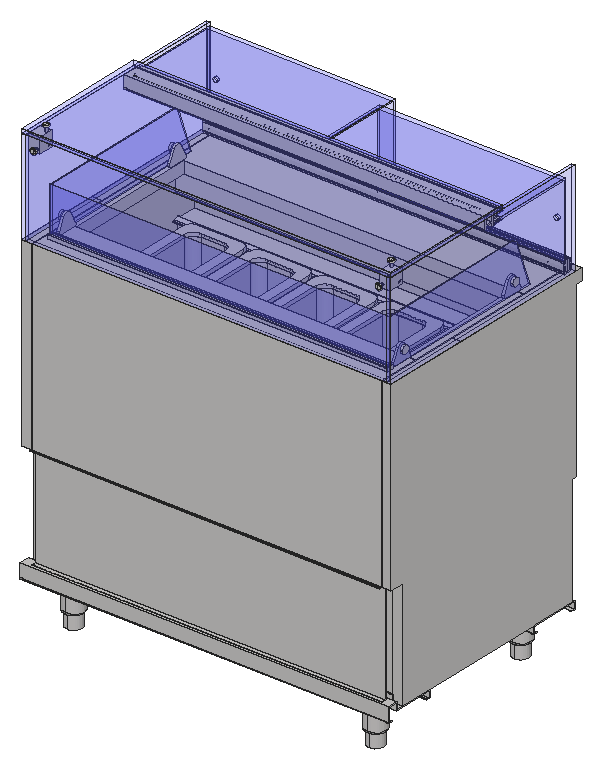
Revit family "Food-Service-Equipment_Oscartek_Gem_R4_G1000_cat", category Specialty Equipment, Revit 2026
Family settings
  Round Connector Dimension = Use Diameter
  Part Type = Normal
  Classification Number = 23.40.40.11.17
  Work Plane-Based = No
  Enable Cutting in Views = No
  Always vertical = Yes
  Cut with Voids When Loaded = No
  Maintain Annotation Orientation = No
  Shared = No
  Room Calculation Point = No
Parameters
  Weight in Pounds = 363
  Watts = 1500 W
  Volts = 208 V
  URL Cutsheet = "www.oscartek.com"
  URL = "www.oscartek.com"
  Type Comments = "As Specified"
  Test Data = "http://www.oscartek.com/company/clients.php"
  Specification by User = ""
  Specification by Manufacturer = ""
  Specification = "https://www.arcat.com/arcatcos/cos48/arc48760.html"
  Serial Number = ""
  Seismic Rating = ""
  Sales Information = "http://www.oscartek.com/company/contact.php"
  SMACNA No = ""
  Revision Code = ""
  Revision = "R1_2018-10"
  Refrigerant Type = "R404A"
  Product Data = "http://www.oscartek.com/support/manuals/"
  Phase = 1
  Number of Poles = 1
  NAFEM Spec ID Number = ""
  Model = "GEM R4 G1000"
  Min Ckt Ampacity = 0 A
  Max Overcurrent Protection = 0 A
  Masterspec = ""
  Manufacturer Website = "http://www.oscartek.com/index.php"
  Manufacturer Phone - Toll Free = "855-885-2400"
  Manufacturer Phone = "650-342-2400"
  Manufacturer Fax = "650-342-7400"
  Manufacturer Address = "361 Beach Rd., Burlingame, CA 94010"
  Manufacturer = "OSCARTEK"
  Length = 39 3/8"
  Item Number = ""
  Installed By = ""
  Installation-Fabrication = "http://www.oscartek.com/support/manuals/"
  Identify Quantity as Lot = yes
  Height = 47 1/4"
  HP = ""
  Green Building-LEED = "https://www.arcat.com/green/green_building.shtml"
  Furnished By = ""
  Foodservice Equipment Identifier = yes
  FL Amps = 7.5 A
  Electrical Remarks = ""
  Electric Connection Type = ""
  Elec Conn RI Height = 0"
  Elec Conn Connection Height = 0"
  Drawn By = "Sumex Design, Inc. / Robert S. Weygant, CSI, CDT, SCIP"
  Description = "GEM R4 GELATO NARROW SHOWCASE"
  Depth = 25 1/2"
  Default Elevation = 0"
  Cycle = 60 Hz
  Copyright = "©Arcat Inc."
  Construction Details = "http://www.oscartek.com/support/manuals/"
  Conn Plug = ""
  Conn Conduit = yes
  Category = ""
  CSI MasterFormat = "11 41 13"
  Building Codes = "https://www.arcat.com/arcatcos/cos48/arc48760.html"
  BTUH = 2100.0 Btu/h
  Apparent Power = 0 VA
Reference planes (in)
  plane 1 "BACK": y = 0
  plane 2: z = 0
  plane 3 "LEFT": x = 0
  plane 4 "RIGHT": x = 39.375
  plane 5 "FRONT": y = -25.5
  plane 6 "TOP": z = 47.25
  plane 7 "Center Y": x = 19.6875
  plane 8 "Center X": y = -12.75
  plane 9: z = 5.1875
  plane 10: z = 5.875
  plane 11: z = 36.625
  plane 12: z = 46.8125
  plane 13: z = 16.9375
  plane 14: z = 35.375
  plane 15: z = 36.6875
  plane 16: z = 47.3125
  plane 17: x = 3.5625
  plane 18: x = 35.8125
  plane 19: y = -23.60477
  plane 20: x = 1.2514
  plane 21: x = 38.1236
  plane 22: y = -6.42974
  plane 23: y = -20.62356
Forms (in)
  Extrusion 1, solid, material "QF_Metal - Stainless - Polished"
    sketch origin (0, 0, 0) x (0, 1, 0) y (0, 0, 1)
      loop
        line (-1.1414, 5.1875) -> (-0.82484, 5.1875)
        arc (-0.82484, 5.1875) -> (-0.79811, 5.19857) -> (-0.78704, 5.2253) r 0.0378
        line (-0.78704, 5.2253) -> (-0.78704, 16.9375) -> (-1.25927, 16.9375) -> (-1.25927, 16.76792) -> (-23.80801, 16.76792) -> (-23.80801, 5.9461) -> (-23.92607, 5.9461) -> (-23.92607, 5.1875) -> (-1.1414, 5.1875)
      loop
        line (-25.72052, 16.9375) -> (-25.72052, 16.90071) -> (-24.93348, 16.90071) -> (-24.93348, 5.90744) -> (-25.41358, 5.90744) -> (-25.41358, 5.875) -> (-24.94142, 5.875)
        arc (-24.94142, 5.875) -> (-24.91911, 5.88424) -> (-24.90987, 5.90655) r 0.03155
        line (-24.90987, 5.90655) -> (-24.90987, 16.9375) -> (-25.72052, 16.9375)
    from 1 to 38.375
  Extrusion 2, solid, material "QF_Metal - Stainless - Polished"
    sketch origin (0, 0, 0) x (0, 1, 0) y (0, 0, 1)
      loop
        arc (-0.9051, 5.08468) -> (-0.92688, 5.13727) -> (-0.97948, 5.15906) r 0.07438
        line (-0.97948, 5.15906) -> (-6.41439, 5.15906) -> (-6.41439, 4.43051)
        arc (-6.41439, 4.43051) -> (-6.39726, 4.38915) -> (-6.3559, 4.37202) r 0.05849
        line (-6.3559, 4.37202) -> (-5.99332, 4.37202) -> (-5.99332, 4.43104) -> (-6.35536, 4.43104) -> (-6.35536, 5.10003) -> (-0.99432, 5.10003)
        arc (-0.99432, 5.10003) -> (-0.97297, 5.09119) -> (-0.96413, 5.06984) r 0.03019
        line (-0.96413, 5.06984) -> (-0.96413, 4.43104) -> (-1.32617, 4.43104) -> (-1.32617, 4.37202) -> (-0.96245, 4.37202)
        arc (-0.96245, 4.37202) -> (-0.9219, 4.38881) -> (-0.9051, 4.42937) r 0.05735
        line (-0.9051, 4.42937) -> (-0.9051, 5.08468)
      loop
        arc (-20.26632, 5.08468) -> (-20.28811, 5.13727) -> (-20.3407, 5.15906) r 0.07438
        line (-20.3407, 5.15906) -> (-24.63834, 5.15906) -> (-24.63834, 5.90281) -> (-25.77561, 5.90281) -> (-25.77561, 4.43051)
        arc (-25.77561, 4.43051) -> (-25.75848, 4.38915) -> (-25.71712, 4.37202) r 0.05849
        line (-25.71712, 4.37202) -> (-25.35455, 4.37202) -> (-25.35455, 4.43104) -> (-25.71659, 4.43104) -> (-25.71659, 5.84378) -> (-24.69737, 5.84378) -> (-24.69737, 5.10003) -> (-20.35554, 5.10003)
        arc (-20.35554, 5.10003) -> (-20.33419, 5.09119) -> (-20.32535, 5.06984) r 0.03019
        line (-20.32535, 5.06984) -> (-20.32535, 4.43104) -> (-20.68739, 4.43104) -> (-20.68739, 4.37202) -> (-20.32367, 4.37202)
        arc (-20.32367, 4.37202) -> (-20.28312, 4.38881) -> (-20.26632, 4.42937) r 0.05735
        line (-20.26632, 4.42937) -> (-20.26632, 5.08468)
    from 0 to 39.375
  Revolve 3, solid, material "QF_Metal - Stainless - Polished"
    sketch origin (35.8125, -180, -6.02993) x (0, 0, -1) y (0, -1, 0)
      loop
        line (-6.02993, -157.84478) -> (-6.02993, -156.97903) -> (-11.12996, -156.97903) -> (-11.12996, -158.08089) -> (-7.65333, -158.08089)
        arc (-7.65333, -158.08089) -> (-7.55168, -158.03878) -> (-7.50957, -157.93713) r 0.14376
        line (-7.50957, -157.93713) -> (-7.50957, -157.84478) -> (-6.02993, -157.84478)
      axis (-11.12996, -156.97903) -> (-6.02993, -156.97903)
    angle from 0 to 360
  Revolve 4, solid, material "QF_Metal - Stainless - Polished"
    sketch origin (35.8125, -160.63878, -6.02993) x (0, 0, -1) y (0, -1, 0)
      loop
        line (-6.02993, -157.84478) -> (-6.02993, -156.97903) -> (-11.12996, -156.97903) -> (-11.12996, -158.08089) -> (-7.65333, -158.08089)
        arc (-7.65333, -158.08089) -> (-7.55168, -158.03878) -> (-7.50957, -157.93713) r 0.14376
        line (-7.50957, -157.93713) -> (-7.50957, -157.84478) -> (-6.02993, -157.84478)
      axis (-11.12996, -156.97903) -> (-6.02993, -156.97903)
    angle from 0 to 360
  Extrusion 5, solid, material "QF_Metal - Stainless - Polished"
    sketch origin (0, 0, 0) x (0, 1, 0) y (0, 0, 1)
      loop
        line (-2.36112, 16.76792) -> (-2.36112, 16.9375) -> (-0.78704, 16.9375) -> (-0.78704, 35.375) -> (-0.425, 35.375) -> (-0.425, 36.60531) -> (-0.03148, 36.60531) -> (-0.03148, 35.09419) -> (-0.70834, 35.09419) -> (-0.70834, 34.78074) -> (-0.73256, 34.50777) -> (-0.70086, 34.50495) -> (-0.67686, 34.77548) -> (-0.67686, 35.06271) -> (0, 35.06271) -> (0, 36.625) -> (-6.5, 36.625) -> (-6.5, 35.375) -> (-6.29633, 35.375) -> (-6.29633, 33.15885) -> (-3.77915, 33.15885) -> (-3.77915, 30.59231) -> (-5.90281, 30.59231) -> (-5.90281, 18.6091) -> (-23.41449, 19.66286) -> (-23.41449, 32.38856) -> (-21.05275, 33.80764) -> (-21.05275, 35.41687) -> (-20.8566, 35.41687) -> (-20.8566, 36.625) -> (-25.5, 36.625) -> (-25.5, 16.9375) -> (-23.80801, 16.9375) -> (-23.80801, 16.76792) -> (-2.36112, 16.76792)
      loop
        line (-20.62356, 30.59306) -> (-20.92256, 30.76569)
        arc (-20.92256, 30.76569) -> (-20.96254, 30.76569) -> (-20.98253, 30.73107) r 0.03998
        line (-20.98253, 30.73107) -> (-20.98253, 24.0638) -> (-6.06022, 24.0638) -> (-6.06022, 30.72982)
        arc (-6.06022, 30.72982) -> (-6.08035, 30.76495) -> (-6.12084, 30.76534) r 0.04072
        line (-6.12084, 30.76534) -> (-6.42974, 30.59231) -> (-6.79217, 30.59231) -> (-6.79217, 30.55671) -> (-6.41919, 30.55671) -> (-6.0917, 30.74578) -> (-6.0917, 24.10454) -> (-20.95105, 24.10454) -> (-20.95105, 30.69525)
        arc (-20.95105, 30.69525) -> (-20.93646, 30.72052) -> (-20.90729, 30.72052) r 0.02917
        line (-20.90729, 30.72052) -> (-20.62356, 30.55671) -> (-20.21123, 30.55671) -> (-20.21123, 30.59306) -> (-20.62356, 30.59306)
    from 1 to 38.375
  Extrusion 6, solid, material "QF_Metal - Stainless - Polished"
    sketch origin (1, 0, 0) x (0, -1, 0) y (0, 0, 1)
      loop
        line (1.29862, 5.1875) -> (23.92607, 5.1875) -> (23.92607, 16.9375) -> (25.5, 16.9375) -> (25.5, 36.625) -> (16.02792, 36.625) -> (0, 36.625) -> (0, 35.375) -> (0.78704, 35.375) -> (0.78704, 16.9375) -> (1.29862, 16.9375) -> (1.29862, 5.1875)
    from 0 to 1
  Extrusion 7, solid, material "QF_Metal - Stainless - Polished"
    sketch origin (38.375, 0, 0) x (0, 1, 0) y (0, 0, 1)
      loop
        line (-1.29862, 5.1875) -> (-1.29862, 16.9375) -> (-0.78704, 16.9375) -> (-0.78704, 35.375) -> (0, 35.375) -> (0, 36.625) -> (-16.02792, 36.625) -> (-25.5, 36.625) -> (-25.5, 16.9375) -> (-23.92607, 16.9375) -> (-23.92607, 5.1875) -> (-1.29862, 5.1875)
    from 0 to 1
  Extrusion 8, solid, material "Glass"
    sketch origin (0, -34.54169, 36.625) x (0, 1, 0) y (-1, 0, 0)
      loop
        line (10.85173, -37.82718) -> (11.00914, -37.82718) -> (11.00914, -1.54782) -> (10.85173, -1.54782) -> (10.85173, -37.82718)
    from 0 to 5.12756
  Extrusion 9, solid, material "QF_Metal - Stainless - Polished"
    sketch origin (0, 0, 0) x (0, 1, 0) y (0, 0, 1)
      loop
        line (-23.70964, 37.03031) -> (-23.96543, 37.03031) -> (-24.00478, 36.99095) -> (-24.00478, 36.625) -> (-23.70964, 36.625) -> (-23.70964, 37.03031)
      loop
        line (-23.51288, 37.03031) -> (-23.51288, 36.625) -> (-23.21774, 36.625) -> (-23.21774, 36.99095) -> (-23.25709, 37.03031) -> (-23.51288, 37.03031)
    from 1.54782 to 37.82718
  Extrusion 10, solid, material "Glass"
    sketch origin (37.82718, -22.99968, 36.625) x (0, -1, 0) y (0, 0, -1)
      loop
        line (0.53288, -5.12756) -> (0.53288, 0) -> (-18.08495, 0) -> (-16.41327, -4.59289)
        arc (-16.41327, -4.59289) -> (-16.11577, -4.9806) -> (-15.64969, -5.12756) r 0.81259
        line (-15.64969, -5.12756) -> (0.53288, -5.12756)
    from 0 to -0.15625
  Extrusion 11, solid, material "Glass"
    sketch origin (1.54782, -22.99968, 36.625) x (0, -1, 0) y (0, 0, 1)
      loop
        line (0.53288, 5.12756) -> (-15.64969, 5.12756)
        arc (-15.64969, 5.12756) -> (-16.11577, 4.9806) -> (-16.41327, 4.59289) r 0.81259
        line (-16.41327, 4.59289) -> (-18.08495, 0) -> (0.53288, 0) -> (0.53288, 5.12756)
    from 0 to -0.15625
  Extrusion 12, solid, material "QF_Metal - Stainless - Polished"
    sketch origin (37.67093, -22.99968, 36.625) x (0, 1, 0) y (0, 0, -1)
      loop
        arc (0.70859, -1.52333) -> (1.13015, -1.78166) -> (1.55172, -1.52333) r 0.47314
        line (1.55172, -1.52333) -> (2.17004, -0.3098)
        arc (2.17004, -0.3098) -> (2.16187, -0.10174) -> (1.98019, 0) r 0.21307
        line (1.98019, 0) -> (0.27549, 0)
        arc (0.27549, 0) -> (0.09623, -0.10039) -> (0.08817, -0.30568) r 0.21024
        line (0.08817, -0.30568) -> (0.70859, -1.52333)
      loop
        arc (15.45959, -1.52333) -> (15.88116, -1.78166) -> (16.30273, -1.52333) r 0.47314
        line (16.30273, -1.52333) -> (16.92105, -0.3098)
        arc (16.92105, -0.3098) -> (16.91287, -0.10174) -> (16.7312, 0) r 0.21307
        line (16.7312, 0) -> (15.0265, 0)
        arc (15.0265, 0) -> (14.84724, -0.10039) -> (14.83917, -0.30568) r 0.21024
        line (14.83917, -0.30568) -> (15.45959, -1.52333)
    from 0 to 0.25
  Extrusion 13, solid, material "QF_Metal - Stainless - Polished"
    sketch origin (37.82718, -22.99968, 36.625) x (0, -1, 0) y (0, 0, -1)
      loop
        circle (-1.13015, -1.31053) r 0.39352
      loop
        circle (-15.88116, -1.31053) r 0.39352
    from 0 to 0.25
  Extrusion 14, solid, material "QF_Metal - Stainless - Polished"
    sketch origin (1.54782, -22.99968, 36.625) x (0, -1, 0) y (0, 0, 1)
      loop
        circle (-1.13015, 1.31053) r 0.39352
      loop
        circle (-15.88116, 1.31053) r 0.39352
    from 0 to 0.25
  Extrusion 15, solid, material "QF_Metal - Stainless - Polished"
    sketch origin (1.70407, -22.99968, 36.625) x (0, 1, 0) y (0, 0, 1)
      loop
        line (0.70859, 1.52333) -> (0.08817, 0.30568)
        arc (0.08817, 0.30568) -> (0.09623, 0.10039) -> (0.27549, 0) r 0.21024
        line (0.27549, 0) -> (1.98019, 0)
        arc (1.98019, 0) -> (2.16187, 0.10174) -> (2.17004, 0.3098) r 0.21307
        line (2.17004, 0.3098) -> (1.55172, 1.52333)
        arc (1.55172, 1.52333) -> (1.13015, 1.78166) -> (0.70859, 1.52333) r 0.47314
      loop
        line (15.45959, 1.52333) -> (14.83917, 0.30568)
        arc (14.83917, 0.30568) -> (14.84724, 0.10039) -> (15.0265, 0) r 0.21024
        line (15.0265, 0) -> (16.7312, 0)
        arc (16.7312, 0) -> (16.91287, 0.10174) -> (16.92105, 0.3098) r 0.21307
        line (16.92105, 0.3098) -> (16.30273, 1.52333)
        arc (16.30273, 1.52333) -> (15.88116, 1.78166) -> (15.45959, 1.52333) r 0.47314
    from 0 to 0.25
  Extrusion 16, solid, material "QF_Metal - Stainless - Polished"
    sketch origin (1, 0, 0) x (0, -1, 0) y (0, 0, 1)
      loop
        line (6.5, 36.625) -> (6.5, 35.375) -> (20.8566, 35.375) -> (20.8566, 36.625) -> (6.5, 36.625)
    from 0 to -1.12501
  Extrusion 17, solid, material "QF_Metal - Stainless - Polished"
    sketch origin (38.375, 0, 0) x (0, 1, 0) y (0, 0, 1)
      loop
        line (-6.5, 36.625) -> (-20.8566, 36.625) -> (-20.8566, 35.375) -> (-6.5, 35.375) -> (-6.5, 36.625)
    from 0 to -1.12501
  Extrusion 18, solid, material "Glass"
    sketch origin (39.375, 0, 0) x (0, 1, 0) y (0, 0, 1)
      loop
        line (-0.77882, 36.625) -> (-0.77882, 46.8125) -> (-25.4608, 46.8125) -> (-25.4608, 36.625) -> (-0.77882, 36.625)
    from 0 to -0.41644
  Extrusion 19, solid, material "Glass"
    sketch origin (0, 0, 0) x (0, -1, 0) y (0, 0, 1)
      loop
        line (0.77882, 36.625) -> (25.4608, 36.625) -> (25.4608, 46.8125) -> (0.77882, 46.8125) -> (0.77882, 36.625)
    from 0 to -0.41644
  Extrusion 20, solid, material "Glass"
    sketch origin (0.41644, 0, 0) x (0, 1, 0) y (0, 0, 1)
      loop
        line (-25.4608, 46.8125) -> (-25.4608, 36.625) -> (-25.06728, 36.625) -> (-25.06728, 46.8125) -> (-25.4608, 46.8125)
    from 0 to 38.54212
  Extrusion 21, solid, material "Glass"
    sketch origin (0, 0, 0) x (0, 1, 0) y (0, 0, 1)
      loop
        line (-25.52882, 47.3125) -> (-25.52882, 46.8125) -> (-10.59132, 46.8125) -> (-10.59132, 47.3125) -> (-25.52882, 47.3125)
    from 0 to 39.375
  Extrusion 22, solid, material "QF_Metal - Stainless - Polished"
    sketch origin (38.95856, 0, 0) x (0, -1, 0) y (0, 0, 1)
      loop
        line (25.06728, 45.26089) -> (25.06728, 46.8125) -> (23.49319, 46.8125) -> (23.49319, 45.26089) -> (25.06728, 45.26089)
      loop
        circle (23.81588, 45.58358) r 0.19676
    from 0 to 1.13138
  Extrusion 23, solid, material "QF_Metal - Stainless - Polished"
    sketch origin (0.41644, 0, 0) x (0, 1, 0) y (0, 0, 1)
      loop
        line (-25.06728, 45.26089) -> (-23.49319, 45.26089) -> (-23.49319, 46.8125) -> (-25.06728, 46.8125) -> (-25.06728, 45.26089)
      loop
        circle (-23.81588, 45.58358) r 0.19676
    from 0 to 1.13138
  Revolve 24, solid, material "QF_Metal - Stainless - Polished"
    sketch origin (1.2514, -25.32292, 48) x (0, 1, 0) y (0, 0, 1)
      loop
        line (1.50704, -0.54977) -> (1.50704, -1.99142) -> (1.62509, -1.99142) -> (1.62509, -0.6875) -> (1.82185, -0.6875) -> (1.82185, -0.58912) -> (1.7825, -0.54977) -> (1.50704, -0.54977)
      axis (1.50704, -1.99142) -> (1.50704, -0.54977)
    angle from 0 to 360
  Revolve 25, solid, material "QF_Metal - Stainless - Polished"
    sketch origin (1.2514, -25.32292, 48) x (0, 1, 0) y (0, 0, 1)
      loop
        line (-0.27561, -2.41642) -> (1.08203, -2.41642) -> (1.08203, -2.29836) -> (-0.13788, -2.29836) -> (-0.13788, -2.1016) -> (-0.23626, -2.1016) -> (-0.27561, -2.14096) -> (-0.27561, -2.41642)
      axis (1.08203, -2.41642) -> (-0.27561, -2.41642)
    angle from 0 to 360
  Revolve 26, solid, material "QF_Metal - Stainless - Polished"
    sketch origin (38.1236, -25.32292, 48) x (0, 1, 0) y (0, 0, -1)
      loop
        line (1.50704, 0.54977) -> (1.7825, 0.54977) -> (1.82185, 0.58912) -> (1.82185, 0.6875) -> (1.62509, 0.6875) -> (1.62509, 1.99142) -> (1.50704, 1.99142) -> (1.50704, 0.54977)
      axis (1.50704, 1.99142) -> (1.50704, 0.54977)
    angle from 0 to 360
  Revolve 27, solid, material "QF_Metal - Stainless - Polished"
    sketch origin (38.1236, -25.32292, 48) x (0, 1, 0) y (0, 0, -1)
      loop
        line (-0.27561, 2.41642) -> (-0.27561, 2.14096) -> (-0.23626, 2.1016) -> (-0.13788, 2.1016) -> (-0.13788, 2.29836) -> (1.08203, 2.29836) -> (1.08203, 2.41642) -> (-0.27561, 2.41642)
      axis (1.08203, 2.41642) -> (-0.27561, 2.41642)
    angle from 0 to 360
  Extrusion 28, solid, material "QF_Metal - Stainless - Polished"
    sketch origin (38.95856, 0, 0) x (0, -1, 0) y (0, 0, 1)
      loop
        line (12.38316, 45.56872) -> (12.38316, 46.8125) -> (10.75631, 46.8125) -> (10.75631, 46.74643) -> (11.35343, 46.74643) -> (11.35343, 46.28261) -> (11.03112, 46.28261)
        arc (11.03112, 46.28261) -> (10.95349, 46.16796) -> (10.84958, 46.25946) r 0.09224
        arc (10.84958, 46.25946) -> (10.79487, 46.29806) -> (10.75955, 46.24117) r 0.04602
        arc (10.75955, 46.24117) -> (10.92385, 46.10285) -> (11.10978, 46.21035) r 0.18692
        line (11.10978, 46.21035) -> (11.35343, 46.21035) -> (11.35343, 45.517) -> (11.20663, 45.517)
        arc (11.20663, 45.517) -> (11.16246, 45.55336) -> (11.139, 45.60554) r 0.1256
        arc (11.139, 45.60554) -> (11.08934, 45.63563) -> (11.06413, 45.58332) r 0.03923
        arc (11.06413, 45.58332) -> (11.14967, 45.47771) -> (11.27965, 45.43798) r 0.23245
        line (11.27965, 45.43798) -> (11.43214, 45.43798) -> (11.43214, 45.83339) -> (12.30446, 45.83339) -> (12.30446, 45.56872)
        arc (12.30446, 45.56872) -> (12.34381, 45.52936) -> (12.38316, 45.56872) r 0.03935
      loop
        line (12.29462, 45.92193) -> (12.29462, 46.74643) -> (11.43214, 46.74643) -> (11.43214, 45.92193) -> (12.29462, 45.92193)
      loop
        line (10.90088, 46.63357) -> (10.05481, 46.63357) -> (10.05481, 46.56273) -> (10.60574, 46.56273) -> (10.60574, 46.36597) -> (10.02158, 46.36597) -> (10.02158, 46.32662) -> (10.68015, 46.32662) -> (10.68015, 46.57454) -> (10.90088, 46.57454)
        arc (10.90088, 46.57454) -> (11.02482, 46.47882) -> (10.96353, 46.33472) r 0.12809
        arc (10.96353, 46.33472) -> (10.87519, 46.30385) -> (10.8788, 46.21035) r 0.0787
        line (10.8788, 46.21035) -> (11.0888, 46.37848)
        arc (11.0888, 46.37848) -> (11.0593, 46.55351) -> (10.90088, 46.63357) r 0.19676
      loop
        line (11.06918, 45.85455) -> (10.22311, 45.85455) -> (10.22311, 45.78372) -> (10.77404, 45.78372) -> (10.77404, 45.58696) -> (10.18987, 45.58696) -> (10.18987, 45.54761) -> (10.84845, 45.54761) -> (10.84845, 45.79552) -> (11.06918, 45.79552)
        arc (11.06918, 45.79552) -> (11.17984, 45.73194) -> (11.18064, 45.60432) r 0.12809
        line (11.18064, 45.60432) -> (11.23425, 45.55071)
        arc (11.23425, 45.55071) -> (11.24207, 45.75172) -> (11.06918, 45.85455) r 0.19676
      loop
        line (1.57767, 36.70181) -> (1.2235, 36.70181) -> (1.2235, 36.91824) -> (1.00707, 36.91824) -> (1.00707, 36.625) -> (1.79411, 36.625) -> (1.79411, 36.91824) -> (1.57767, 36.91824) -> (1.57767, 36.70181)
      loop
        line (1.53832, 37.50065) -> (1.53832, 37.85482) -> (1.49897, 37.85482)
        arc (1.49897, 37.85482) -> (1.45962, 37.81547) -> (1.49897, 37.77612) r 0.03935
        arc (1.49897, 37.77612) -> (1.46409, 37.34718) -> (1.49897, 36.91824) r 2.65503
        arc (1.49897, 36.91824) -> (1.46, 36.8836) -> (1.4879, 36.83954) r 0.04027
        line (1.4879, 36.83954) -> (1.53832, 36.83954) -> (1.53832, 37.42195) -> (1.83346, 37.42195) -> (1.83346, 36.83954) -> (1.87281, 36.83954)
        arc (1.87281, 36.83954) -> (1.91216, 36.87889) -> (1.87281, 36.91824) r 0.03935
        arc (1.87281, 36.91824) -> (1.90956, 37.34718) -> (1.87281, 37.77612) r 2.52187
        arc (1.87281, 37.77612) -> (1.91216, 37.81547) -> (1.87281, 37.85482) r 0.03935
        line (1.87281, 37.85482) -> (1.83346, 37.85482) -> (1.83346, 37.50065) -> (1.53832, 37.50065)
      loop
        line (0.96771, 37.50065) -> (0.96771, 37.85482) -> (0.92836, 37.85482)
        arc (0.92836, 37.85482) -> (0.88901, 37.81547) -> (0.92836, 37.77612) r 0.03935
        arc (0.92836, 37.77612) -> (0.89348, 37.34718) -> (0.92836, 36.91824) r 2.65503
        arc (0.92836, 36.91824) -> (0.88939, 36.8836) -> (0.91729, 36.83954) r 0.04027
        line (0.91729, 36.83954) -> (0.96771, 36.83954) -> (0.96771, 37.42195) -> (1.26286, 37.42195) -> (1.26286, 36.83954) -> (1.30221, 36.83954)
        arc (1.30221, 36.83954) -> (1.34156, 36.87889) -> (1.30221, 36.91824) r 0.03935
        arc (1.30221, 36.91824) -> (1.33895, 37.34718) -> (1.30221, 37.77612) r 2.52187
        arc (1.30221, 37.77612) -> (1.34156, 37.81547) -> (1.30221, 37.85482) r 0.03935
        line (1.30221, 37.85482) -> (1.26286, 37.85482) -> (1.26286, 37.50065) -> (0.96771, 37.50065)
    from 0 to 38.54212
  Extrusion 29, solid, material "Glass"
    sketch origin (38.95856, 0, 0) x (0, -1, 0) y (0, 0, 1)
      loop
        line (10.77404, 45.78372) -> (1.56783, 45.78372) -> (1.56783, 37.50065) -> (1.80395, 37.50065) -> (1.80395, 45.54761) -> (10.18376, 45.54761) -> (10.18376, 45.58696) -> (10.77404, 45.58696) -> (10.77404, 45.78372)
    from 0 to 19.8728
  Extrusion 30, solid, material "Glass"
    sketch origin (0.41644, 0, 0) x (0, 1, 0) y (0, 0, 1)
      loop
        line (-10.60574, 46.56273) -> (-10.60574, 46.36597) -> (-10.01546, 46.36597) -> (-10.01546, 46.32662) -> (-1.23334, 46.32662) -> (-1.23334, 37.50065) -> (-0.99723, 37.50065) -> (-0.99723, 46.56273) -> (-10.60574, 46.56273)
    from 0 to 19.8728
  Revolve 31, solid, material "QF_Metal - Stainless - Polished"
    sketch origin (3.5625, -180, -6.02993) x (0, 0, -1) y (0, -1, 0)
      loop
        line (-6.02993, -157.84478) -> (-6.02993, -156.97903) -> (-11.12996, -156.97903) -> (-11.12996, -158.08089) -> (-7.65333, -158.08089)
        arc (-7.65333, -158.08089) -> (-7.55168, -158.03878) -> (-7.50957, -157.93713) r 0.14376
        line (-7.50957, -157.93713) -> (-7.50957, -157.84478) -> (-6.02993, -157.84478)
      axis (-11.12996, -156.97903) -> (-6.02993, -156.97903)
    angle from 0 to 360
  Revolve 32, solid, material "QF_Metal - Stainless - Polished"
    sketch origin (3.5625, -160.63878, -6.02993) x (0, 0, -1) y (0, -1, 0)
      loop
        line (-6.02993, -157.84478) -> (-6.02993, -156.97903) -> (-11.12996, -156.97903) -> (-11.12996, -158.08089) -> (-7.65333, -158.08089)
        arc (-7.65333, -158.08089) -> (-7.55168, -158.03878) -> (-7.50957, -157.93713) r 0.14376
        line (-7.50957, -157.93713) -> (-7.50957, -157.84478) -> (-6.02993, -157.84478)
      axis (-11.12996, -156.97903) -> (-6.02993, -156.97903)
    angle from 0 to 360
  Extrusion 33, solid, material "QF_Metal - Stainless - Polished"
    sketch origin (0, 0.75, 5.1875) x (-1, 0, 0) y (0, 1, 0)
      loop
        circle (-5.90675, -5.31132) r 0.64931
      loop
        circle (-5.17708, -9.28494) r 0.39352
      loop
        circle (-6.5, -9.28494) r 0.39352
    from 0 to 0.25
  Extrusion 34, solid, material "QF_Metal - Stainless - Polished"
    sketch origin (0, -0.78704, 16.90172) x (0, 0, -1) y (-1, 0, 0)
      loop
        line (2.49505, -37.35496) -> (2.49505, -30.11418) -> (1.08979, -30.11418) -> (1.08979, -37.35496) -> (2.49505, -37.35496)
    from 0 to 0.125
  Extrusion 35, solid, material "QF_Metal - Stainless - Polished"
    sketch origin (0, -0.66204, 16.90172) x (0, 0, -1) y (-1, 0, 0)
      loop
        line (1.31097, -36.02486) -> (2.22025, -36.02486) -> (2.22025, -33.94314) -> (1.31097, -33.94314) -> (1.31097, -36.02486)
      loop
        line (1.82456, -33.80147) -> (2.22025, -33.80147) -> (2.22025, -33.27415) -> (1.82456, -33.27415) -> (1.82456, -33.80147)
      loop
        line (1.31097, -33.80147) -> (1.70662, -33.80147) -> (1.70662, -33.27415) -> (1.31097, -33.27415) -> (1.31097, -33.80147)
      loop
        line (1.31097, -33.19151) -> (1.70662, -33.19151) -> (1.70662, -32.6642) -> (1.31097, -32.6642) -> (1.31097, -33.19151)
      loop
        line (1.31097, -32.58156) -> (1.70662, -32.58156) -> (1.70662, -32.05424) -> (1.31097, -32.05424) -> (1.31097, -32.58156)
      loop
        line (1.31097, -31.9716) -> (1.70662, -31.9716) -> (1.70662, -31.45215) -> (1.31097, -31.45215) -> (1.31097, -31.9716)
      loop
        line (1.82456, -31.44428) -> (1.82456, -31.9716) -> (2.22025, -31.9716) -> (2.22025, -31.44428) -> (1.82456, -31.44428)
      loop
        line (1.82456, -32.05424) -> (1.82456, -32.58156) -> (2.22025, -32.58156) -> (2.22025, -32.05424) -> (1.82456, -32.05424)
      loop
        line (1.82456, -32.6642) -> (1.82456, -33.19151) -> (2.22025, -33.19151) -> (2.22025, -32.6642) -> (1.82456, -32.6642)
    from 0 to 0.0625
  Extrusion 36, solid, material "QF_Metal - Stainless - Polished"
    sketch origin (0, -0.78704, 16.90172) x (0, 0, -1) y (-1, 0, 0)
      loop
        circle (9.79757, -30.7808) r 0.5
    from 0 to 0.125
  Extrusion 37, solid, material "QF_Generic - Mesh"
    sketch origin (0, -0.78704, 16.90172) x (0, 0, -1) y (-1, 0, 0)
      loop
        line (11.37284, -11.65596) -> (1.12206, -11.65596) -> (1.12206, -29.04958) -> (11.37284, -29.04958) -> (11.37284, -11.65596)
    from 0 to 0.03125
  Extrusion 38, void
    sketch origin (0.41644, -0.99723, 38.27967) x (0, 0, -1) y (1, 0, 0)
      loop
        circle (-3.45403, 0.83496) r 0.25
      loop
        circle (-3.45403, 37.70717) r 0.25
    from 0 to 12
Cuts and joins
  joined: Extrusion 23, Revolve 24, Revolve 25
  joined: Extrusion 22, Revolve 26, Revolve 27
  Extrusion 38 cuts Extrusion 30
  Extrusion 38 cuts Extrusion 29
Lines and regions (in)
  symbolic lines
    curve 1: line (0, 0, 0) -> (39.375, 0, 0)
    curve 2: line (0, -25.77561, 0) -> (0, 0, 0)
    curve 3: line (39.375, -25.77561, 0) -> (0, -25.77561, 0)
    curve 4: line (39.375, 0, 0) -> (39.375, -25.77561, 0)
    curve 5: line (39.375, -10.59132, 0) -> (0, -10.59132, 0)
    curve 6: line (0.41644, -0.77882, 0) -> (0, -0.77882, 0)
    curve 7: line (0.41644, -0.77882, 0) -> (0.41644, -10.59132, 0)
    curve 8: line (38.95856, -0.77882, 0) -> (39.375, -0.77882, 0)
    curve 9: line (38.95856, -0.77882, 0) -> (38.95856, -10.59132, 0)
    curve 10: line (0.41644, -0.889, 0) -> (38.95856, -0.889, 0)
    curve 11: line (0.41644, -10.05481, 0) -> (38.95856, -10.05481, 0)
    curve 12: line (38.95856, -10.59132, 0) -> (38.95856, -0.77882, 0)
    curve 13: line (20.28924, -0.99723, 0) -> (20.28924, -10.05481, 0)
    curve 14: line (20.28924, -0.99723, 0) -> (0.41644, -0.99723, 0)
    curve 15: line (20.28924, -1.56783, 0) -> (38.95856, -1.56783, 0)
    curve 16: arc (1.2514, -23.50106, 0) -> (1.56621, -23.81588, 0) -> (1.2514, -24.1307, 0) r 0.31482
    curve 17: arc (1.2514, -23.50106, 0) -> (0.93658, -23.81588, 0) -> (1.2514, -24.1307, 0) r 0.31482
    curve 18: arc (38.1236, -23.50106, 0) -> (38.43842, -23.81588, 0) -> (38.1236, -24.1307, 0) r 0.31482
    curve 19: arc (38.1236, -24.1307, 0) -> (37.80879, -23.81588, 0) -> (38.1236, -23.50106, 0) r 0.31482
Dimensions and locks (in)
  equal spacing: plane 3 "LEFT", plane 7 "Center Y", plane 4 "RIGHT"
  "Length": plane 3 "LEFT" to plane 4 "RIGHT"
  equal spacing: plane 5 "FRONT", plane 8 "Center X", plane 1 "BACK"
  "Depth": plane 5 "FRONT" to plane 1 "BACK"
  "Height": plane 6 "TOP" to level
  plane 9 to plane 2 = 5 3/16"
  plane 10 to plane 2 = 5 7/8"
  plane 12 to plane 11 to plane 2 = 10 3/16", 36 5/8"
  plane 6 "TOP" to plane 2 = 47 1/4"
  plane 14 to plane 13 to plane 2 = 18 7/16", 16 15/16"
  plane 15 to plane 2 = 36 11/16"
  plane 16 to plane 15 = 10 5/8"
  plane 13 to plane 2 = 16 15/16"
  plane 3 "LEFT" to plane 17 = 3 9/16"
  locked: plane 4 "RIGHT" to plane 18 at 3.5625
  equal spacing: group 1, group 3, group 4, group 5, group 2  (x3)
  aligned and locked: level to plane 2
  aligned and locked: Extrusion 2 to plane 4 "RIGHT"
Automatic sketch dimensions
  Extrusion 1 sketch curve to plane 13 = 0"  (x2)
  Extrusion 1 sketch curve to plane 10 = 0"
  Extrusion 1 sketch curve to plane 9 = 0"
  Extrusion 1 sketch curve to plane 13 = 0.03679"
  plane 5 "FRONT" to Extrusion 1 sketch curve = 0.22052"
  plane 10 to Extrusion 1 sketch curve = 0.03244"
  Extrusion 1 sketch curve to plane 5 "FRONT" = 0.08642"
  Extrusion 1 sketch curve to Extrusion 1 sketch curve = 0.47216"
  Extrusion 1 sketch curve to Extrusion 1 sketch curve = 0.00793"
  Extrusion 1 sketch curve to Extrusion 1 sketch curve = 0.02361"
  plane 19 to Extrusion 1 sketch curve = 0.32129"
  plane 19 to Extrusion 1 sketch curve = 0.20324"
  plane 1 "BACK" to Extrusion 1 sketch curve = 1.1414"
  Extrusion 1 sketch curve to plane 13 = 0.16958"
  Extrusion 1 sketch curve to Extrusion 1 sketch curve = 0.31656"
  plane 10 to Extrusion 1 sketch curve = 0.0711"
  plane 10 to Extrusion 2 sketch curve = 0.02781"
  plane 5 "FRONT" to Extrusion 2 sketch curve = 0.27561"
  Extrusion 2 sketch curve to Extrusion 2 sketch curve = 0.05849"
  Extrusion 2 sketch curve to plane 10 = 0.03122"
  Extrusion 2 sketch curve to Extrusion 2 sketch curve = 0.05903"  (x2)
  Extrusion 2 sketch curve to plane 5 "FRONT" = 0.14545"
  Extrusion 2 sketch curve to plane 5 "FRONT" = 0.80263"
  plane 23 to Extrusion 2 sketch curve = 0.06383"
  Extrusion 2 sketch curve to plane 9 = 0.11766"  (x2)
  Extrusion 2 sketch curve to plane 23 = 0.26802"
  Extrusion 2 sketch curve to Extrusion 2 sketch curve = 0.01484"  (x4)
  Extrusion 2 sketch curve to Extrusion 2 sketch curve = 0.01535"
  Extrusion 2 sketch curve to Extrusion 2 sketch curve = 0.00168"  (x4)
  Extrusion 2 sketch curve to Extrusion 2 sketch curve = 0.05735"  (x2)
  Extrusion 2 sketch curve to plane 22 = 0.01535"
  Extrusion 2 sketch curve to plane 22 = 0.07384"
  Extrusion 2 sketch curve to Extrusion 2 sketch curve = 0.00053"  (x3)
  Extrusion 2 sketch curve to Extrusion 2 sketch curve = 0.36257"
  plane 1 "BACK" to Extrusion 2 sketch curve = 1.32617"
  Extrusion 2 sketch curve to Extrusion 2 sketch curve = 0.33185"
  Extrusion 2 sketch curve to Extrusion 2 sketch curve = 0.36204"
  Extrusion 2 sketch curve to plane 9 = 0.75646"
  Extrusion 2 sketch curve to Extrusion 2 sketch curve = 0.6388"  (x2)
  Extrusion 2 sketch curve to Extrusion 2 sketch curve = 0.66899"
  Extrusion 2 sketch curve to Extrusion 2 sketch curve = 0"
  Revolve 3 sketch curve to level = 0"
  Revolve 3 sketch curve to level = 1.47964"
  Revolve 3 sketch curve to Revolve 3 sketch curve = 0.14376"
  plane 9 to Revolve 3 sketch curve = 0.08747"
  Revolve 3 sketch curve to plane 23 = 1.29555"
  Revolve 3 sketch curve to Revolve 3 sketch curve = 0.09236"
  plane 19 to Revolve 3 sketch curve = 0.58381"
  Revolve 3 sketch curve to Revolve 3 sketch curve = 1/4"  (x2)
  Revolve 3 sketch curve to Revolve 3 sketch curve = 0"
  Revolve 4 sketch curve to level = 0"
  Revolve 4 sketch curve to level = 1.47964"
  Revolve 4 sketch curve to Revolve 4 sketch curve = 0.14376"
  plane 9 to Revolve 4 sketch curve = 0.08747"
  Revolve 4 sketch curve to plane 1 "BACK" = 2.55789"
  Revolve 4 sketch curve to Revolve 4 sketch curve = 0.09236"
  Revolve 4 sketch curve to Revolve 4 sketch curve = 0.86575"
  Revolve 4 sketch curve to Revolve 4 sketch curve = 1/4"  (x2)
  Revolve 4 sketch curve to Revolve 4 sketch curve = 0"
  Extrusion 5 sketch curve to plane 5 "FRONT" = 0"
  Extrusion 5 sketch curve to plane 13 = 0"  (x2)
  Extrusion 5 sketch curve to plane 11 = 0"  (x2)
  Extrusion 5 sketch curve to plane 23 = 0"  (x2)
  Extrusion 5 sketch curve to plane 14 = 0"  (x2)
  Extrusion 5 sketch curve to plane 22 = 0"
  Extrusion 5 sketch curve to plane 1 "BACK" = 0"
  plane 19 to Extrusion 5 sketch curve = 0.20324"
  Extrusion 5 sketch curve to plane 19 = 0.19029"
  plane 14 to Extrusion 5 sketch curve = 0.04187"
  plane 23 to Extrusion 5 sketch curve = 0.4292"
  plane 23 to Extrusion 5 sketch curve = 0.35897"
  Extrusion 5 sketch curve to Extrusion 5 sketch curve = 0.03148"  (x4)
  Extrusion 5 sketch curve to Extrusion 5 sketch curve = 0.0085"
  Extrusion 5 sketch curve to Extrusion 5 sketch curve = 0.01999"
  Extrusion 5 sketch curve to Extrusion 5 sketch curve = 0.02917"
  Extrusion 5 sketch curve to Extrusion 5 sketch curve = 0.01459"
  plane 23 to Extrusion 5 sketch curve = 0.23305"
  Extrusion 5 sketch curve to plane 23 = 0.41233"
  plane 22 to Extrusion 5 sketch curve = 0.36243"
  plane 22 to Extrusion 5 sketch curve = 0.07026"
  Extrusion 5 sketch curve to plane 22 = 0.01054"
  Extrusion 5 sketch curve to plane 22 = 0.1334"
  Extrusion 5 sketch curve to plane 22 = 0.3089"
  Extrusion 5 sketch curve to Extrusion 5 sketch curve = 0.0199"
  Extrusion 5 sketch curve to Extrusion 5 sketch curve = 0.00924"
  Extrusion 5 sketch curve to Extrusion 5 sketch curve = 0.15741"
  Extrusion 5 sketch curve to Extrusion 5 sketch curve = 2.51719"
  plane 1 "BACK" to Extrusion 5 sketch curve = 2.36112"
  plane 1 "BACK" to Extrusion 5 sketch curve = 0.78704"
  plane 1 "BACK" to Extrusion 5 sketch curve = 0.73256"
  Extrusion 5 sketch curve to Extrusion 5 sketch curve = 0.0787"
  Extrusion 5 sketch curve to Extrusion 5 sketch curve = 0.0317"
  Extrusion 5 sketch curve to Extrusion 5 sketch curve = 0.36204"
  plane 1 "BACK" to Extrusion 5 sketch curve = 0.03148"
  Extrusion 5 sketch curve to plane 13 = 0.16958"
  plane 13 to Extrusion 5 sketch curve = 1.6716"
  plane 13 to Extrusion 5 sketch curve = 2.72536"
  Extrusion 5 sketch curve to Extrusion 5 sketch curve = 5.4547"
  Extrusion 5 sketch curve to Extrusion 5 sketch curve = 0.04074"
  Extrusion 5 sketch curve to plane 14 = 4.81829"  (x2)
  Extrusion 5 sketch curve to Extrusion 5 sketch curve = 0.0356"  (x2)
  Extrusion 5 sketch curve to Extrusion 5 sketch curve = 0.03635"
  Extrusion 5 sketch curve to Extrusion 5 sketch curve = 0.1022"
  Extrusion 5 sketch curve to Extrusion 5 sketch curve = 0.13751"
  Extrusion 5 sketch curve to Extrusion 5 sketch curve = 0.03581"
  Extrusion 5 sketch curve to Extrusion 5 sketch curve = 0.01597"
  Extrusion 5 sketch curve to Extrusion 5 sketch curve = 1.6575"
  Extrusion 5 sketch curve to plane 14 = 2.21615"
  Extrusion 5 sketch curve to plane 14 = 1.56736"
  Extrusion 5 sketch curve to plane 14 = 0.87005"
  Extrusion 5 sketch curve to Extrusion 5 sketch curve = 0.00281"
  Extrusion 5 sketch curve to Extrusion 5 sketch curve = 0.28197"
  Extrusion 5 sketch curve to plane 11 = 0.01969"
  Extrusion 6 sketch curve to Extrusion 5 = 0"  (x5)
  Extrusion 5 to Extrusion 6 sketch curve = 0.425"
  Extrusion 5 to Extrusion 6 sketch curve = 0"
  Extrusion 6 sketch curve to Extrusion 5 = 0.51158"
  Extrusion 5 to Extrusion 6 sketch curve = 4.18331"
  Extrusion 5 to Extrusion 6 sketch curve = 0.11806"
  Extrusion 5 to Extrusion 6 sketch curve = 11.58042"
  Extrusion 7 sketch curve to Extrusion 5 = 0"  (x6)
  Extrusion 5 to Extrusion 7 sketch curve = 0"
  Extrusion 5 to Extrusion 7 sketch curve = 0.11806"
  Extrusion 5 to Extrusion 7 sketch curve = 4.18331"
  Extrusion 7 sketch curve to Extrusion 5 = 0.51158"
  Extrusion 5 to Extrusion 7 sketch curve = 11.58042"
  Extrusion 5 to Extrusion 8 sketch curve = 0.54782"  (x2)
  Extrusion 8 sketch curve to Extrusion 5 = 1.81004"
  Extrusion 8 sketch curve to Extrusion 8 sketch curve = 0.15741"
  Extrusion 9 sketch curve to plane 11 = 0"  (x2)
  plane 19 to Extrusion 9 sketch curve = 0.4"
  Extrusion 9 sketch curve to Extrusion 9 sketch curve = 0.03935"  (x2)
  plane 19 to Extrusion 9 sketch curve = 0.10486"
  Extrusion 9 sketch curve to plane 19 = 0.0919"
  Extrusion 9 sketch curve to Extrusion 9 sketch curve = 0.25579"
  Extrusion 9 sketch curve to Extrusion 9 sketch curve = 0.29514"
  plane 15 to Extrusion 9 sketch curve = 0.30345"  (x2)
  Extrusion 9 sketch curve to Extrusion 9 sketch curve = 0"
  Extrusion 8 to Extrusion 10 sketch curve = 0"  (x2)
  Extrusion 10 sketch curve to Extrusion 8 = 0"
  Extrusion 8 to Extrusion 10 sketch curve = 16.18257"
  Extrusion 8 to Extrusion 10 sketch curve = 0.53467"
  Extrusion 10 sketch curve to Extrusion 10 sketch curve = 0.76358"
  Extrusion 10 sketch curve to Extrusion 10 sketch curve = 1.67168"
  Extrusion 11 sketch curve to Extrusion 8 = 0"  (x3)
  Extrusion 11 sketch curve to Extrusion 8 = 16.18257"
  Extrusion 8 to Extrusion 11 sketch curve = 0.53467"
  Extrusion 11 sketch curve to Extrusion 11 sketch curve = 0.76358"
  Extrusion 11 sketch curve to Extrusion 11 sketch curve = 1.67168"
  Extrusion 10 to Extrusion 12 sketch curve = 0"  (x2)
  Extrusion 12 sketch curve to Extrusion 10 = 0.30568"  (x2)
  Extrusion 12 sketch curve to Extrusion 10 = 0.62104"
  Extrusion 12 sketch curve to Extrusion 12 sketch curve = 0.18732"  (x2)
  Extrusion 12 sketch curve to Extrusion 10 = 1.24146"
  Extrusion 12 sketch curve to Extrusion 12 sketch curve = 0.42157"  (x3)
  Extrusion 12 sketch curve to Extrusion 10 = 1.52333"  (x3)
  Extrusion 12 sketch curve to Extrusion 12 sketch curve = 0.85004"
  Extrusion 12 sketch curve to Extrusion 10 = 0.3098"  (x2)
  Extrusion 12 sketch curve to Extrusion 12 sketch curve = 0.18985"
  Extrusion 12 sketch curve to Extrusion 12 sketch curve = 12.66913"
  Extrusion 12 sketch curve to Extrusion 12 sketch curve = 0.62042"
  Extrusion 12 sketch curve to Extrusion 10 = 0.21307"
  Extrusion 12 sketch curve to Extrusion 12 sketch curve = 0.42847"
  Extrusion 12 sketch curve to Extrusion 12 sketch curve = 0.2148"  (x2)
  Extrusion 13 sketch curve to Extrusion 10 = 1.31053"  (x2)
  Extrusion 13 sketch curve to Extrusion 10 = 16.41404"
  Extrusion 13 sketch curve to Extrusion 10 = 1.66303"
  Extrusion 14 sketch curve to Extrusion 11 = 1.31053"  (x2)
  Extrusion 14 sketch curve to Extrusion 11 = 16.41404"
  Extrusion 14 sketch curve to Extrusion 11 = 1.66303"
  Extrusion 11 to Extrusion 15 sketch curve = 0"  (x2)
  Extrusion 15 sketch curve to Extrusion 11 = 0.30568"  (x2)
  Extrusion 15 sketch curve to Extrusion 11 = 0.62104"
  Extrusion 15 sketch curve to Extrusion 15 sketch curve = 0.18732"  (x2)
  Extrusion 15 sketch curve to Extrusion 11 = 1.24146"
  Extrusion 15 sketch curve to Extrusion 15 sketch curve = 0.42157"  (x3)
  Extrusion 15 sketch curve to Extrusion 11 = 1.52333"  (x3)
  Extrusion 15 sketch curve to Extrusion 15 sketch curve = 0.85004"
  Extrusion 15 sketch curve to Extrusion 11 = 0.3098"  (x2)
  Extrusion 15 sketch curve to Extrusion 15 sketch curve = 0.18985"
  Extrusion 15 sketch curve to Extrusion 15 sketch curve = 12.66913"
  Extrusion 15 sketch curve to Extrusion 15 sketch curve = 0.62042"
  Extrusion 15 sketch curve to Extrusion 11 = 0.21307"
  Extrusion 15 sketch curve to Extrusion 15 sketch curve = 0.42847"
  Extrusion 15 sketch curve to Extrusion 15 sketch curve = 0.2148"  (x2)
  Extrusion 5 to Extrusion 16 sketch curve = 0"
  Extrusion 16 sketch curve to Extrusion 5 = 0"  (x3)
  Extrusion 17 sketch curve to Extrusion 5 = 0"  (x4)
  Extrusion 18 sketch curve to Extrusion 7 = 0"
  Extrusion 18 sketch curve to Extrusion 7 = 0.0392"
  Extrusion 7 to Extrusion 18 sketch curve = 0.00822"
  Extrusion 7 to Extrusion 18 sketch curve = 10 3/16"
  Extrusion 19 sketch curve to Extrusion 6 = 0"
  Extrusion 6 to Extrusion 19 sketch curve = 0.00822"
  Extrusion 19 sketch curve to Extrusion 6 = 0.0392"
  Extrusion 6 to Extrusion 19 sketch curve = 10 3/16"
  Extrusion 20 sketch curve to Extrusion 19 = 0"  (x2)
  Extrusion 19 to Extrusion 20 sketch curve = 0"
  Extrusion 20 sketch curve to Extrusion 20 sketch curve = 0.39352"
  Extrusion 21 sketch curve to plane 12 = 0"
  Extrusion 21 sketch curve to plane 16 = 0"
  plane 5 "FRONT" to Extrusion 21 sketch curve = 0.02882"
  plane 8 "Center X" to Extrusion 21 sketch curve = 2.15868"
  Extrusion 22 sketch curve to Extrusion 18 = 0"
  Extrusion 22 sketch curve to Extrusion 18 = 1.9676"
  Extrusion 22 sketch curve to Extrusion 22 sketch curve = 0.32269"  (x2)
  Extrusion 22 sketch curve to Extrusion 18 = 0.39352"
  Extrusion 22 sketch curve to Extrusion 18 = 1.22892"
  Extrusion 23 sketch curve to Extrusion 19 = 0"
  Extrusion 23 sketch curve to Extrusion 19 = 0.39352"
  Extrusion 23 sketch curve to Extrusion 23 sketch curve = 1.2514"
  Extrusion 23 sketch curve to Extrusion 23 sketch curve = 0.32269"  (x2)
  Extrusion 23 sketch curve to Extrusion 19 = 1.22892"
  Revolve 24 sketch curve to plane 16 = 0"
  plane 19 to Revolve 24 sketch curve = 0.21111"
  plane 19 to Revolve 24 sketch curve = 0.09305"
  Revolve 24 sketch curve to plane 19 = 0.06436"
  Revolve 24 sketch curve to Revolve 24 sketch curve = 0.03935"  (x2)
  Revolve 24 sketch curve to plane 12 = 0.80392"
  plane 16 to Revolve 24 sketch curve = 0.09838"
  Revolve 24 sketch curve to Revolve 24 sketch curve = 0"
  Revolve 24 sketch curve to Revolve 24 sketch curve = 0.02384"
  Revolve 24 sketch curve to Revolve 24 sketch curve = 0.03228"
  plane 5 "FRONT" to Revolve 25 sketch curve = 0.09853"
  Revolve 25 sketch curve to Revolve 25 sketch curve = 0.03935"  (x2)
  Revolve 25 sketch curve to plane 5 "FRONT" = 0.0392"
  plane 19 to Revolve 25 sketch curve = 0.63611"
  Revolve 25 sketch curve to plane 12 = 1.22892"
  Revolve 25 sketch curve to Revolve 25 sketch curve = 0.11806"
  Revolve 25 sketch curve to Revolve 25 sketch curve = 0.15741"
  Revolve 25 sketch curve to Revolve 25 sketch curve = 0.05826"
  Revolve 25 sketch curve to Revolve 25 sketch curve = 0.04985"
  Revolve 25 sketch curve to Revolve 25 sketch curve = 0"
  Revolve 26 sketch curve to plane 16 = 0"
  plane 19 to Revolve 26 sketch curve = 0.21111"
  plane 19 to Revolve 26 sketch curve = 0.09305"
  Revolve 26 sketch curve to plane 19 = 0.06436"
  Revolve 26 sketch curve to Revolve 26 sketch curve = 0.03935"  (x2)
  plane 16 to Revolve 26 sketch curve = 0.09838"
  Revolve 26 sketch curve to plane 12 = 0.80392"
  Revolve 26 sketch curve to Revolve 26 sketch curve = 0"
  Revolve 26 sketch curve to Revolve 26 sketch curve = 0.02384"
  Revolve 26 sketch curve to Revolve 26 sketch curve = 0.03228"
  plane 5 "FRONT" to Revolve 27 sketch curve = 0.09853"
  Revolve 27 sketch curve to Revolve 27 sketch curve = 0.03935"  (x2)
  Revolve 27 sketch curve to plane 5 "FRONT" = 0.0392"
  plane 19 to Revolve 27 sketch curve = 0.63611"
  Revolve 27 sketch curve to plane 12 = 0.9141"
  Revolve 27 sketch curve to Revolve 27 sketch curve = 0.19676"
  Revolve 27 sketch curve to Revolve 27 sketch curve = 0.11806"
  Revolve 27 sketch curve to Revolve 27 sketch curve = 0.05826"
  Revolve 27 sketch curve to Revolve 27 sketch curve = 0.04985"
  Revolve 27 sketch curve to Revolve 27 sketch curve = 0"
  Extrusion 18 to Extrusion 28 sketch curve = 0"
  Extrusion 28 sketch curve to Extrusion 18 = 0"
  Extrusion 28 sketch curve to Extrusion 18 = 0.72218"  (x2)
  Extrusion 18 to Extrusion 28 sketch curve = 1.96174"
  Extrusion 28 sketch curve to Extrusion 28 sketch curve = 0.57061"  (x2)
  Extrusion 28 sketch curve to Extrusion 18 = 0.13847"
  Extrusion 28 sketch curve to Extrusion 18 = 0.14954"
  Extrusion 28 sketch curve to Extrusion 28 sketch curve = 0.01198"  (x2)
  Extrusion 28 sketch curve to Extrusion 18 = 0.18889"
  Extrusion 28 sketch curve to Extrusion 28 sketch curve = 0.03935"  (x16)
  Extrusion 28 sketch curve to Extrusion 28 sketch curve = 0.0778"  (x2)
  Extrusion 28 sketch curve to Extrusion 28 sketch curve = 0.21644"  (x2)
  Extrusion 28 sketch curve to Extrusion 28 sketch curve = 0.29514"  (x2)
  Extrusion 28 sketch curve to Extrusion 28 sketch curve = 0"  (x8)
  Extrusion 28 sketch curve to Extrusion 28 sketch curve = 0.18569"
  Extrusion 28 sketch curve to Extrusion 28 sketch curve = 0.19676"  (x2)
  Extrusion 28 sketch curve to Extrusion 28 sketch curve = 0.27546"
  Extrusion 28 sketch curve to Extrusion 28 sketch curve = 1.71506"
  Extrusion 28 sketch curve to Extrusion 18 = 0.44653"
  Extrusion 28 sketch curve to Extrusion 18 = 9.24275"
  Extrusion 28 sketch curve to Extrusion 28 sketch curve = 0.03324"  (x2)
  Extrusion 28 sketch curve to Extrusion 28 sketch curve = 0.1683"
  Extrusion 28 sketch curve to Extrusion 28 sketch curve = 0.58417"  (x2)
  Extrusion 28 sketch curve to Extrusion 28 sketch curve = 0.07441"  (x2)
  Extrusion 28 sketch curve to Extrusion 18 = 0.06607"  (x2)
  Extrusion 28 sketch curve to Extrusion 28 sketch curve = 0.07615"
  Extrusion 28 sketch curve to Extrusion 28 sketch curve = 0.12388"
  Extrusion 28 sketch curve to Extrusion 18 = 0.60215"
  Extrusion 28 sketch curve to Extrusion 28 sketch curve = 0.07477"
  Extrusion 28 sketch curve to Extrusion 28 sketch curve = 0.14458"
  Extrusion 28 sketch curve to Extrusion 28 sketch curve = 0.06144"
  Extrusion 28 sketch curve to Extrusion 28 sketch curve = 0.00159"
  Extrusion 28 sketch curve to Extrusion 28 sketch curve = 0.09088"
  Extrusion 28 sketch curve to Extrusion 28 sketch curve = 0.22073"
  Extrusion 28 sketch curve to Extrusion 18 = 0.43402"
  Extrusion 28 sketch curve to Extrusion 28 sketch curve = 0.05769"
  Extrusion 28 sketch curve to Extrusion 28 sketch curve = 0.03132"
  Extrusion 28 sketch curve to Extrusion 28 sketch curve = 0.07866"
  Extrusion 28 sketch curve to Extrusion 18 = 1.20818"
  Extrusion 28 sketch curve to Extrusion 28 sketch curve = 0.08014"
  Extrusion 28 sketch curve to Extrusion 28 sketch curve = 0.02599"
  Extrusion 28 sketch curve to Extrusion 18 = 1.26179"
  Extrusion 28 sketch curve to Extrusion 28 sketch curve = 0.02762"
  Extrusion 28 sketch curve to Extrusion 28 sketch curve = 0.02802"
  Extrusion 28 sketch curve to Extrusion 28 sketch curve = 0.07302"
  Extrusion 28 sketch curve to Extrusion 28 sketch curve = 0.26463"
  Extrusion 28 sketch curve to Extrusion 28 sketch curve = 0.07379"
  Extrusion 28 sketch curve to Extrusion 28 sketch curve = 0.0787"  (x4)
  Extrusion 28 sketch curve to Extrusion 28 sketch curve = 0.86249"
  Extrusion 28 sketch curve to Extrusion 28 sketch curve = 0.00984"
  Extrusion 28 sketch curve to Extrusion 18 = 0.07681"
  Extrusion 28 sketch curve to Extrusion 18 = 0.21454"  (x2)
  Extrusion 28 sketch curve to Extrusion 28 sketch curve = 0.13773"  (x2)
  Extrusion 28 sketch curve to Extrusion 28 sketch curve = 0.03845"  (x2)
  Extrusion 28 sketch curve to Extrusion 28 sketch curve = 0.04026"  (x2)
  Extrusion 28 sketch curve to Extrusion 28 sketch curve = 0.35417"  (x2)
  Extrusion 28 sketch curve to Extrusion 28 sketch curve = 0.31482"
  Extrusion 28 sketch curve to Extrusion 28 sketch curve = 0.11273"
  Extrusion 28 sketch curve to Extrusion 28 sketch curve = 0.07903"
  Extrusion 28 sketch curve to Extrusion 28 sketch curve = 0.05671"
  Extrusion 28 sketch curve to Extrusion 28 sketch curve = 0.13074"
  Extrusion 28 sketch curve to Extrusion 28 sketch curve = 0.0063"
  Extrusion 28 sketch curve to Extrusion 28 sketch curve = 0.0789"
  Extrusion 28 sketch curve to Extrusion 28 sketch curve = 0.05977"
  Extrusion 28 sketch curve to Extrusion 28 sketch curve = 0.00964"  (x2)
  Extrusion 28 sketch curve to Extrusion 28 sketch curve = 0.04082"
  Extrusion 28 sketch curve to Extrusion 28 sketch curve = 0.01181"
  Extrusion 28 sketch curve to Extrusion 28 sketch curve = 0.26467"
  Extrusion 28 sketch curve to Extrusion 28 sketch curve = 0.08854"
  Extrusion 28 sketch curve to Extrusion 28 sketch curve = 0.28842"
  Extrusion 28 sketch curve to Extrusion 28 sketch curve = 0.04261"
  Extrusion 28 sketch curve to Extrusion 28 sketch curve = 0.04911"
  Extrusion 28 sketch curve to Extrusion 28 sketch curve = 0.00007"
  Extrusion 28 sketch curve to Extrusion 28 sketch curve = 0.02315"
  Extrusion 28 sketch curve to Extrusion 28 sketch curve = 0.02951"
  Extrusion 28 sketch curve to Extrusion 28 sketch curve = 0.14775"
  Extrusion 28 sketch curve to Extrusion 28 sketch curve = 0.05903"
  Extrusion 29 sketch curve to Extrusion 18 = 0.78901"
  Extrusion 29 sketch curve to Extrusion 29 sketch curve = 0.23611"  (x2)
  Extrusion 29 sketch curve to Extrusion 18 = 1.22554"
  Extrusion 29 sketch curve to Extrusion 29 sketch curve = 8.37981"
  Extrusion 29 sketch curve to Extrusion 29 sketch curve = 0.59028"
  Extrusion 29 sketch curve to Extrusion 29 sketch curve = 0.03935"
  Extrusion 29 sketch curve to Extrusion 18 = 0.87565"
  Extrusion 30 sketch curve to Extrusion 19 = 0.24977"
  Extrusion 30 sketch curve to Extrusion 19 = 9.82692"
  Extrusion 30 sketch curve to Extrusion 30 sketch curve = 0.59028"
  Extrusion 30 sketch curve to Extrusion 19 = 0.45452"
  Extrusion 30 sketch curve to Extrusion 19 = 0.2184"
  Extrusion 30 sketch curve to Extrusion 30 sketch curve = 0.19676"
  Extrusion 30 sketch curve to Extrusion 30 sketch curve = 0.03935"
  Extrusion 30 sketch curve to Extrusion 19 = 0.87565"
  Revolve 31 sketch curve to level = 0"
  level to Revolve 31 sketch curve = 1.47964"
  Revolve 31 sketch curve to Revolve 31 sketch curve = 0.14376"
  Revolve 31 sketch curve to plane 9 = 0.08747"
  plane 23 to Revolve 31 sketch curve = 1.29555"
  Revolve 31 sketch curve to Revolve 31 sketch curve = 0.09236"
  Revolve 31 sketch curve to plane 19 = 0.58381"
  Revolve 31 sketch curve to Revolve 31 sketch curve = 1/4"  (x2)
  Revolve 31 sketch curve to Revolve 31 sketch curve = 0"
  Revolve 32 sketch curve to level = 0"
  level to Revolve 32 sketch curve = 1.47964"
  Revolve 32 sketch curve to Revolve 32 sketch curve = 0.14376"
  Revolve 32 sketch curve to plane 9 = 0.08747"
  plane 1 "BACK" to Revolve 32 sketch curve = 2.55789"
  Revolve 32 sketch curve to Revolve 32 sketch curve = 0.09236"
  Revolve 32 sketch curve to Revolve 32 sketch curve = 0.86575"
  Revolve 32 sketch curve to Revolve 32 sketch curve = 1/4"  (x2)
  Revolve 32 sketch curve to Revolve 32 sketch curve = 0"
  Extrusion 33 sketch curve to Extrusion 1 = 5 1/2"
  Extrusion 33 sketch curve to Extrusion 33 sketch curve = 0.59325"
  Extrusion 33 sketch curve to Extrusion 33 sketch curve = 1.32292"
  Extrusion 33 sketch curve to Extrusion 33 sketch curve = 3.97362"
  Extrusion 33 sketch curve to Extrusion 33 sketch curve = 0"
  plane 1 "BACK" to Extrusion 1 sketch curve = 1.25927"
  plane 9 to Extrusion 1 sketch curve = 0.0378"
  Extrusion 1 to Extrusion 33 sketch curve = 3.41992"
  Extrusion 34 sketch curve to Extrusion 1 = 1.12557"
  Extrusion 34 sketch curve to Extrusion 34 sketch curve = 1.40526"
  Extrusion 1 to Extrusion 34 sketch curve = 1.02004"
  Extrusion 34 sketch curve to Extrusion 34 sketch curve = 7.24078"
  Extrusion 35 sketch curve to Extrusion 34 = 0.22118"  (x3)
  Extrusion 35 sketch curve to Extrusion 35 sketch curve = 0"  (x10)
  Extrusion 35 sketch curve to Extrusion 35 sketch curve = 0.39565"  (x2)
  Extrusion 35 sketch curve to Extrusion 35 sketch curve = 0.11794"  (x3)
  Extrusion 35 sketch curve to Extrusion 34 = 0.2748"  (x3)
  Extrusion 35 sketch curve to Extrusion 34 = 1.3301"
  Extrusion 35 sketch curve to Extrusion 35 sketch curve = 2.08172"
  Extrusion 35 sketch curve to Extrusion 35 sketch curve = 0.14167"  (x2)
  Extrusion 35 sketch curve to Extrusion 35 sketch curve = 0.52732"  (x3)
  Extrusion 35 sketch curve to Extrusion 35 sketch curve = 0.08264"  (x6)
  Extrusion 35 sketch curve to Extrusion 35 sketch curve = 0.51945"
  Extrusion 35 sketch curve to Extrusion 35 sketch curve = 0.00787"
  Extrusion 36 sketch curve to Extrusion 1 = 1.87885"
  Extrusion 1 to Extrusion 36 sketch curve = 7.5942"
  Extrusion 37 sketch curve to Extrusion 1 = 1.15784"
  Extrusion 37 sketch curve to Extrusion 1 = 0.30358"
  Extrusion 1 to Extrusion 37 sketch curve = 9.32542"
  Extrusion 1 to Extrusion 37 sketch curve = 10.65596"
  Extrusion 38 sketch curve to Extrusion 30 = 4.23304"  (x2)
  Extrusion 38 sketch curve to Extrusion 30 = 0.83496"
  Extrusion 30 to Extrusion 38 sketch curve = 17.83436"
  plane 1 "BACK" to curve 1 = 0"
  curve 1 to plane 3 "LEFT" = 0"
  curve 4 to plane 4 "RIGHT" = 0"
  plane 3 "LEFT" to curve 7 = 0.41644"
  plane 7 "Center Y" to curve 14 = 0.60174"
  plane 4 "RIGHT" to curve 8 = 0.41644"
  plane 1 "BACK" to curve 6 = 0.77882"
  plane 1 "BACK" to curve 12 = 0.77882"
  plane 1 "BACK" to curve 13 = 0.99723"
  plane 5 "FRONT" to curve 3 = 0.27561"
  curve 14 to curve 10 = 0.10823"
  curve 15 to curve 10 = 0.67883"
  plane 8 "Center X" to curve 13 = 2.69519"
  curve 9 to curve 11 = 0.53651"
  curve 17 to plane 20 = 0"
  plane 19 to curve 16 = 0.21111"
  curve 17 to curve 16 = 0.31482"
  curve 18 to curve 19 = 0"  (x2)
  curve 18 to plane 21 = 0"
  plane 19 to curve 19 = 0.21111"
  curve 18 to curve 18 = 0.31482"
  radius of Extrusion 13 sketch curve = 0.39352"  (x2)
  radius of Extrusion 14 sketch curve = 0.39352"  (x2)
  radius of Extrusion 22 sketch curve = 0.19676"
  radius of Extrusion 23 sketch curve = 0.19676"
  radius of Extrusion 33 sketch curve = 0.64931"
  radius of Extrusion 33 sketch curve = 0.39352"  (x2)
  radius of Extrusion 36 sketch curve = 1/2"
  radius of Extrusion 38 sketch curve = 1/4"  (x2)
Nested families (in)
  nested 1: "PAN" at (9.12501, -20.60477, 25.93512) x (-1, 0, 0) z (0, 0, 1), type "PAN"
    with Type Mark "", Status "", Specification by User "", Revision Code "", Length 7", Item Number "", Installed By "", Identify Quantity as Lot yes, Furnished By "", Foodservice Equipment Identifier yes, Depth 14 3/16"
  nested 2: "PAN" at (37.24999, -20.60477, 25.93512) x (-1, 0, 0) z (0, 0, 1), type "PAN"
    with Type Mark "", Status "", Specification by User "", Revision Code "", Length 7", Item Number "", Installed By "", Identify Quantity as Lot yes, Furnished By "", Foodservice Equipment Identifier yes, Depth 14 3/16"
  nested 3: "PAN" at (16.15626, -20.60477, 25.93512) x (-1, 0, 0) z (0, 0, 1), type "PAN"
    with Type Mark "", Status "", Specification by User "", Revision Code "", Length 7", Item Number "", Installed By "", Identify Quantity as Lot yes, Furnished By "", Foodservice Equipment Identifier yes, Depth 14 3/16"
